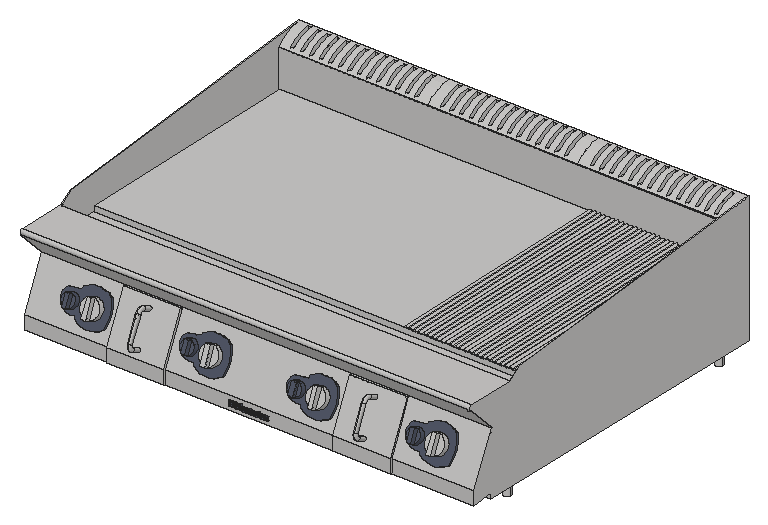
Revit family "QF_ELECTROLUXPROFESSIONAL_391406_E9IIKAAOMIA", category Specialty Equipment, Revit 2018
Family settings
  Round Connector Dimension = Use Diameter
  Part Type = Normal
  Work Plane-Based = No
  Always vertical = Yes
  Cut with Voids When Loaded = No
  Shared = No
  Room Calculation Point = No
Parameters
  Width = 1200 mm
  Weight in Pounds = 150  # constant formula
  Watts = 0 W
  URL Cutsheet = "www.electrolux.com"
  URL = "www.electrolux.com"
  Type Mark [instance] = ""
  Status [instance] = ""
  Specification by User [instance] = ""
  Specification by Manufacturer = ""
  Show Logo [instance] = yes
  Show Clearance [instance] = yes
  Serial Number = ""
  Seismic Rating = ""
  SMACNA No = ""
  Revision Code [instance] = ""
  Omniclass Number and Title = ""
  NAFEM Spec ID Number = ""
  Model = "391062"
  Mechanical Remarks [instance] = ""
  Mechanical Connection Type [instance] = ""
  Masterspec = ""
  Manufacturer = "ELECTROLUX"
  Item Number [instance] = ""
  Installed By [instance] = ""
  Identify Quantity as Lot [instance] = yes
  HP = "0 HP"
  Gas Size = 12.7 mm  # 1/2"
  Gas RI Height [instance] = 0 mm
  Gas KW [instance] = 33  # constant formula
  Gas Input [instance] = 32969.6 VA  # 112497.0 Btu/h
  Gas Connection Height = 0 mm
  Furnished By [instance] = ""
  Foodservice Equipment Identifier [instance] = yes
  Direct Waste Size = 0"
  Description = "900XP GAS FRY TOP, 2/3 SMOOTH - 1/3 RIBBED SLOPED PLATE, MILD STEEL HP - 1200mm"
  Depth = 930 mm
  CSI MasterFormat = ""
  CSI Master Format = ""
Reference planes
  plane 1 "BACK": y = 0
  plane 2: z = 0
  plane 3 "LEFT": x = 0
  plane 4 "RIGHT": x = 1200
  plane 5 "FRONT": y = -930
  plane 6 "TOP": z = 369
  plane 7 "Center Y": x = 600
  plane 8 "Center X": y = -465
  plane 9: z = 24
  plane 10: x = 1189
  plane 11: x = 11
  plane 12: z = 275
  plane 13: y = -82
  plane 14: y = -790
  plane 15: x = 8
  plane 16: x = 1192
  plane 17: y = -1106
Forms (mm)
  Extrusion 1, solid, material "QF_Finishes_Stainless Steel"
    sketch origin (0, 0, 0) x (0, 1, 0) y (0, 0, 1)
      loop
        line (-795, 275) -> (-922.639, 275)
        arc (-922.639, 275) -> (-929.44, 270.456) -> (-927.844, 262.434) r 7.361
        line (-927.844, 262.434) -> (-857.044, 191.634) -> (-915, 65.714) -> (-915, 30.922) -> (-860.028, 36.7) -> (-860.028, 24) -> (0, 24) -> (0, 215) -> (-795, 215) -> (-795, 275)
    from 0 to 1200
  Extrusion 2, solid, material "QF_Finishes_Stainless Steel"
    sketch origin (0, 0, 0) x (1, 0, 0) y (0, 1, 0)
      loop
        circle (11, -82) r 9.525
      loop
        circle (11, -790) r 9.525
      loop
        circle (1189, -82) r 9.525
      loop
        circle (1189, -790) r 9.525
    from 0 to 24
  Extrusion 3, solid, material "QF_Finishes_Navy Blue", visible <- "Show Logo"
    sketch origin (201.023, -915, 33.59) x (0, 0, 1) y (-1, 0, 0)
      loop
        line (20.486, -355.047) -> (8.12, -355.047)
        arc (8.12, -355.047) -> (14.303, -359.618) -> (20.486, -355.047) r 6.467
      loop
        arc (20.486, -354.418) -> (19.317, -349.275) -> (14.662, -346.797) r 6.338
        line (14.662, -346.797) -> (14.662, -348.843)
        arc (14.662, -348.843) -> (16.145, -352.498) -> (19.591, -354.418) r 5.941
        line (19.591, -354.418) -> (20.486, -354.418)
      loop
        arc (9.015, -354.418) -> (12.461, -352.498) -> (13.945, -348.843) r 5.941
        line (13.945, -348.843) -> (13.945, -346.797)
        arc (13.945, -346.797) -> (9.25, -349.271) -> (7.961, -354.418) r 6.504
        line (7.961, -354.418) -> (9.015, -354.418)
      loop
        line (21.161, -346.328) -> (7.417, -346.328) -> (7.417, -360.091) -> (21.161, -360.091) -> (21.161, -346.328)
      loop
        arc (21.245, -363.058) -> (20.897, -362.701) -> (20.53, -363.039) r 0.358
        arc (20.53, -363.039) -> (20.216, -363.789) -> (19.499, -364.174) r 1.216
        line (19.499, -364.174) -> (9.087, -364.174)
        arc (9.087, -364.174) -> (8.427, -363.896) -> (8.031, -363.3) r 1.238
        arc (8.031, -363.3) -> (7.636, -363.049) -> (7.33, -363.403) r 0.358
        line (7.33, -363.403) -> (7.33, -373.282) -> (10.081, -373.282) -> (10.081, -372.385)
        arc (10.081, -372.385) -> (9.172, -371.805) -> (8.717, -370.828) r 1.928
        line (8.717, -370.828) -> (8.717, -368.329)
        arc (8.717, -368.329) -> (8.992, -367.6) -> (9.681, -367.236) r 1.101
        line (9.681, -367.236) -> (13.767, -367.236) -> (13.767, -370.909)
        arc (13.767, -370.909) -> (13.415, -371.407) -> (12.849, -371.634) r 1.083
        arc (12.849, -371.634) -> (12.586, -371.94) -> (12.878, -372.218) r 0.292
        line (12.878, -372.218) -> (15.84, -372.218)
        arc (15.84, -372.218) -> (16.143, -371.945) -> (15.904, -371.615) r 0.305
        arc (15.904, -371.615) -> (15.414, -371.367) -> (15.109, -370.909) r 1.083
        line (15.109, -370.909) -> (15.109, -367.236) -> (19.786, -367.236) -> (19.786, -370.983)
        arc (19.786, -370.983) -> (19.572, -371.739) -> (18.965, -372.237) r 1.314
        arc (18.965, -372.237) -> (18.746, -372.641) -> (19.101, -372.933) r 0.361
        line (19.101, -372.933) -> (21.245, -372.933) -> (21.245, -363.058)
      loop
        arc (20.528, -373.714) -> (20.147, -374.633) -> (19.229, -375.013) r 1.299
        line (19.229, -375.013) -> (9.65, -375.013)
        arc (9.65, -375.013) -> (8.812, -374.635) -> (8.54, -373.757) r 1.118
        line (8.54, -373.757) -> (7.33, -373.757) -> (7.33, -379.107) -> (8.519, -379.107)
        arc (8.519, -379.107) -> (8.79, -378.19) -> (9.66, -377.794) r 1.153
        line (9.66, -377.794) -> (21.733, -377.794) -> (20.528, -373.714)
      loop
        line (12.295, -381.743) -> (12.295, -388.191) -> (13.094, -388.191)
        arc (13.094, -388.191) -> (15.675, -387.206) -> (16.943, -384.752) r 3.874
        line (16.943, -384.752) -> (16.943, -382.992)
        arc (16.943, -382.992) -> (15.757, -380.127) -> (12.892, -378.941) r 4.051
        line (12.892, -378.941) -> (10.884, -378.941)
        arc (10.884, -378.941) -> (8.066, -380.426) -> (7.014, -383.433) r 4.352
        arc (7.014, -383.433) -> (7.378, -385.896) -> (8.756, -387.97) r 5.713
        line (8.756, -387.97) -> (9.705, -387.97)
        arc (9.705, -387.97) -> (8.972, -386.401) -> (8.756, -384.683) r 5.579
        arc (8.756, -384.683) -> (9.55, -382.72) -> (11.429, -381.743) r 3.057
        line (11.429, -381.743) -> (12.295, -381.743)
      loop
        line (13.554, -381.743) -> (13.554, -385.325)
        arc (13.554, -385.325) -> (15.011, -385.372) -> (15.894, -384.213) r 1.59
        line (15.894, -384.213) -> (15.894, -383.383)
        arc (15.894, -383.383) -> (15.03, -382.128) -> (13.554, -381.743) r 2.184
      loop
        arc (16.345, -397.608) -> (16.834, -395.934) -> (16.992, -394.197) r 9.023
        line (16.992, -394.197) -> (16.992, -392.835)
        arc (16.992, -392.835) -> (15.832, -390.035) -> (13.033, -388.876) r 3.959
        line (13.033, -388.876) -> (10.432, -388.876)
        arc (10.432, -388.876) -> (8.151, -390.168) -> (7.033, -392.541) r 4.331
        line (7.033, -392.541) -> (7.033, -394.676)
        arc (7.033, -394.676) -> (7.542, -396.226) -> (8.463, -397.572) r 5.772
        arc (8.463, -397.572) -> (9.225, -397.623) -> (9.311, -396.864) r 0.553
        arc (9.311, -396.864) -> (8.924, -396.13) -> (8.79, -395.311) r 2.573
        line (8.79, -395.311) -> (8.79, -393.796)
        arc (8.79, -393.796) -> (9.796, -392.154) -> (11.61, -391.512) r 2.884
        line (11.61, -391.512) -> (12.889, -391.512)
        arc (12.889, -391.512) -> (14.71, -392.072) -> (15.637, -393.737) r 2.554
        line (15.637, -393.737) -> (15.637, -394.79)
        arc (15.637, -394.79) -> (15.305, -395.718) -> (14.648, -396.453) r 2.564
        arc (14.648, -396.453) -> (14.427, -397.17) -> (15.036, -397.608) r 0.643
        line (15.036, -397.608) -> (16.345, -397.608)
      loop
        line (15.327, -397.878) -> (15.327, -399.379) -> (9.279, -399.379)
        arc (9.279, -399.379) -> (7.691, -400.037) -> (7.033, -401.625) r 2.246
        line (7.033, -401.625) -> (7.033, -403.209)
        arc (7.033, -403.209) -> (7.347, -404.073) -> (7.848, -404.845) r 4.06
        arc (7.848, -404.845) -> (8.58, -404.978) -> (8.832, -404.277) r 0.576
        arc (8.832, -404.277) -> (8.726, -403.751) -> (8.79, -403.219) r 1.69
        arc (8.79, -403.219) -> (9.331, -402.431) -> (10.238, -402.128) r 1.506
        line (10.238, -402.128) -> (15.376, -402.128) -> (15.376, -404.525) -> (15.932, -405.081) -> (16.754, -405.081) -> (16.754, -402.222) -> (19.985, -402.222) -> (15.327, -397.878)
      loop
        line (7.251, -405.979) -> (7.251, -411.366) -> (8.361, -411.366)
        arc (8.361, -411.366) -> (8.755, -410.415) -> (9.706, -410.021) r 1.345
        line (9.706, -410.021) -> (13.322, -410.021)
        arc (13.322, -410.021) -> (14.087, -410.613) -> (14.376, -411.535) r 1.615
        line (14.376, -411.535) -> (14.376, -413.091) -> (16.932, -413.776) -> (16.932, -412.393) -> (14.989, -409.834) -> (16.87, -409.834) -> (16.585, -407.128)
        arc (16.585, -407.128) -> (16.146, -406.598) -> (15.487, -406.799) r 0.621
        arc (15.487, -406.799) -> (15.086, -407.141) -> (14.592, -407.324) r 1.501
        line (14.592, -407.324) -> (9.706, -407.324)
        arc (9.706, -407.324) -> (8.755, -406.93) -> (8.361, -405.979) r 1.345
        line (8.361, -405.979) -> (7.251, -405.979)
      loop
        line (13.353, -413.313) -> (10.66, -413.313)
        arc (10.66, -413.313) -> (8.215, -414.621) -> (7.081, -417.151) r 4.288
        arc (7.081, -417.151) -> (7.018, -418.532) -> (7.081, -419.912) r 15.022
        arc (7.081, -419.912) -> (8.215, -422.443) -> (10.66, -423.75) r 4.288
        line (10.66, -423.75) -> (13.353, -423.75)
        arc (13.353, -423.75) -> (15.798, -422.443) -> (16.932, -419.912) r 4.288
        arc (16.932, -419.912) -> (16.996, -418.532) -> (16.932, -417.151) r 15.022
        arc (16.932, -417.151) -> (15.798, -414.621) -> (13.353, -413.313) r 4.288
      loop
        line (13.557, -416.427) -> (10.456, -416.427)
        arc (10.456, -416.427) -> (8.299, -418.584) -> (10.456, -420.741) r 2.157
        line (10.456, -420.741) -> (13.557, -420.741)
        arc (13.557, -420.741) -> (15.714, -418.584) -> (13.557, -416.427) r 2.157
      loop
        arc (20.538, -423.608) -> (20.168, -424.502) -> (19.274, -424.873) r 1.264
        line (19.274, -424.873) -> (9.409, -424.873)
        arc (9.409, -424.873) -> (8.539, -424.476) -> (8.268, -423.56) r 1.153
        line (8.268, -423.56) -> (7.33, -423.56) -> (7.33, -428.668) -> (8.259, -428.668)
        arc (8.259, -428.668) -> (8.618, -427.896) -> (9.409, -427.581) r 1.153
        line (9.409, -427.581) -> (21.733, -427.581) -> (20.538, -423.608)
      loop
        arc (15.658, -428.206) -> (15.459, -429.27) -> (14.49, -429.752) r 1.215
        line (14.49, -429.752) -> (9.47, -429.752)
        arc (9.47, -429.752) -> (7.856, -430.399) -> (7.135, -431.982) r 2.338
        line (7.135, -431.982) -> (7.135, -433.497)
        arc (7.135, -433.497) -> (7.309, -434.501) -> (7.812, -435.387) r 2.979
        line (7.812, -435.387) -> (7.33, -437.184) -> (7.33, -438.872) -> (16.756, -438.872) -> (16.462, -434.669) -> (15.675, -434.669)
        arc (15.675, -434.669) -> (15.32, -435.505) -> (14.567, -436.014) r 1.605
        line (14.567, -436.014) -> (9.465, -436.014)
        arc (9.465, -436.014) -> (9.044, -435.077) -> (8.972, -434.053) r 2.94
        arc (8.972, -434.053) -> (9.532, -432.952) -> (10.686, -432.509) r 1.724
        line (10.686, -432.509) -> (16.882, -432.509) -> (15.658, -428.206)
      loop
        line (16.687, -439.726) -> (15.014, -441.772) -> (11.841, -444.078) -> (8.384, -440.966)
        arc (8.384, -440.966) -> (8.147, -440.572) -> (8.169, -440.113) r 0.789
        line (8.169, -440.113) -> (7.33, -440.113) -> (7.33, -443.658) -> (8.157, -443.658)
        arc (8.157, -443.658) -> (8.499, -443.296) -> (8.989, -443.388) r 0.52
        line (8.989, -443.388) -> (10.789, -444.859) -> (8.67, -446.235)
        arc (8.67, -446.235) -> (8.269, -445.925) -> (8.183, -445.425) r 0.7
        line (8.183, -445.425) -> (7.33, -445.425) -> (7.33, -451.352) -> (8.217, -451.352)
        arc (8.217, -451.352) -> (8.284, -450.693) -> (8.679, -450.162) r 1.247
        line (8.679, -450.162) -> (12.878, -446.881) -> (15.326, -448.934) -> (16.687, -450.676) -> (16.687, -446.952) -> (15.202, -447.375) -> (13.68, -446.098) -> (15.38, -444.908) -> (16.687, -445.684) -> (16.687, -439.726)
    from 0 to 1.644
  Extrusion 4, solid, material "QF_Finishes_Stainless Steel"
    sketch origin (0, 0, 0) x (0, 1, 0) y (0, 0, 1)
      loop
        line (0, 215) -> (0, 369) -> (-761.596, 296.916) -> (-795, 275) -> (-795, 215) -> (0, 215)
    from 0 to 1.6
  Extrusion 5, solid, material "QF_Finishes_Stainless Steel"
    sketch origin (1200, 0, 0) x (0, -1, 0) y (0, 0, 1)
      loop
        line (0, 215) -> (795, 215) -> (795, 275) -> (761.596, 296.916) -> (0, 369) -> (0, 215)
    from 0 to 1.6
  Extrusion 6, solid, material "QF_Finishes_Stainless Steel"
    sketch origin (0, 0, 37.263) x (0, 1, 0) y (0, 0, 1)
      loop
        line (0, 300.038) -> (0, 331.738)
        arc (0, 331.738) -> (-37.941, 322.534) -> (-69.85, 300.038) r 104.419
        line (-69.85, 300.038) -> (0, 300.038)
    from 0 to 400.05
  Extrusion 7, void
    sketch origin (0, 0, 311.9) x (0, -1, 0) y (1, 0, 0)
      loop
        line (6.761, 29.703) -> (63.911, 29.703) -> (63.911, 38.999) -> (6.761, 38.999) -> (6.761, 29.703)
      loop
        line (63.911, 64.487) -> (6.761, 64.487) -> (6.761, 55.191) -> (63.911, 55.191) -> (63.911, 64.487)
      loop
        line (63.911, 89.975) -> (6.761, 89.975) -> (6.761, 80.68) -> (63.911, 80.68) -> (63.911, 89.975)
      loop
        line (63.911, 115.464) -> (6.761, 115.464) -> (6.761, 106.168) -> (63.911, 106.168) -> (63.911, 115.464)
      loop
        line (63.911, 140.952) -> (6.761, 140.952) -> (6.761, 131.656) -> (63.911, 131.656) -> (63.911, 140.952)
      loop
        line (63.911, 166.44) -> (6.761, 166.44) -> (6.761, 157.145) -> (63.911, 157.145) -> (63.911, 166.44)
      loop
        line (63.911, 191.929) -> (6.761, 191.929) -> (6.761, 182.633) -> (63.911, 182.633) -> (63.911, 191.929)
      loop
        line (63.911, 217.417) -> (6.761, 217.417) -> (6.761, 208.121) -> (63.911, 208.121) -> (63.911, 217.417)
      loop
        line (63.911, 242.905) -> (6.761, 242.905) -> (6.761, 233.61) -> (63.911, 233.61) -> (63.911, 242.905)
      loop
        line (63.911, 268.394) -> (6.761, 268.394) -> (6.761, 259.098) -> (63.911, 259.098) -> (63.911, 268.394)
      loop
        line (63.911, 293.882) -> (6.761, 293.882) -> (6.761, 284.586) -> (63.911, 284.586) -> (63.911, 293.882)
      loop
        line (63.911, 319.37) -> (6.761, 319.37) -> (6.761, 310.075) -> (63.911, 310.075) -> (63.911, 319.37)
      loop
        line (63.911, 344.859) -> (6.761, 344.859) -> (6.761, 335.563) -> (63.911, 335.563) -> (63.911, 344.859)
      loop
        line (63.911, 370.347) -> (6.761, 370.347) -> (6.761, 361.051) -> (63.911, 361.051) -> (63.911, 370.347)
    from 27.825 to 63.5
  Extrusion 8, solid, material "QF_Finishes_Stainless Steel"
    sketch origin (400.05, 0, 37.263) x (0, 1, 0) y (0, 0, 1)
      loop
        line (0, 300.038) -> (0, 331.738)
        arc (0, 331.738) -> (-37.941, 322.534) -> (-69.85, 300.038) r 104.419
        line (-69.85, 300.038) -> (0, 300.038)
    from 0 to 400.05
  Extrusion 9, void
    sketch origin (400.05, 0, 311.9) x (0, -1, 0) y (1, 0, 0)
      loop
        line (6.761, 29.703) -> (63.911, 29.703) -> (63.911, 38.999) -> (6.761, 38.999) -> (6.761, 29.703)
      loop
        line (63.911, 64.487) -> (6.761, 64.487) -> (6.761, 55.191) -> (63.911, 55.191) -> (63.911, 64.487)
      loop
        line (63.911, 89.975) -> (6.761, 89.975) -> (6.761, 80.68) -> (63.911, 80.68) -> (63.911, 89.975)
      loop
        line (63.911, 115.464) -> (6.761, 115.464) -> (6.761, 106.168) -> (63.911, 106.168) -> (63.911, 115.464)
      loop
        line (63.911, 140.952) -> (6.761, 140.952) -> (6.761, 131.656) -> (63.911, 131.656) -> (63.911, 140.952)
      loop
        line (63.911, 166.44) -> (6.761, 166.44) -> (6.761, 157.145) -> (63.911, 157.145) -> (63.911, 166.44)
      loop
        line (63.911, 191.929) -> (6.761, 191.929) -> (6.761, 182.633) -> (63.911, 182.633) -> (63.911, 191.929)
      loop
        line (63.911, 217.417) -> (6.761, 217.417) -> (6.761, 208.121) -> (63.911, 208.121) -> (63.911, 217.417)
      loop
        line (63.911, 242.905) -> (6.761, 242.905) -> (6.761, 233.61) -> (63.911, 233.61) -> (63.911, 242.905)
      loop
        line (63.911, 268.394) -> (6.761, 268.394) -> (6.761, 259.098) -> (63.911, 259.098) -> (63.911, 268.394)
      loop
        line (63.911, 293.882) -> (6.761, 293.882) -> (6.761, 284.586) -> (63.911, 284.586) -> (63.911, 293.882)
      loop
        line (63.911, 319.37) -> (6.761, 319.37) -> (6.761, 310.075) -> (63.911, 310.075) -> (63.911, 319.37)
      loop
        line (63.911, 344.859) -> (6.761, 344.859) -> (6.761, 335.563) -> (63.911, 335.563) -> (63.911, 344.859)
      loop
        line (63.911, 370.347) -> (6.761, 370.347) -> (6.761, 361.051) -> (63.911, 361.051) -> (63.911, 370.347)
    from 27.825 to 63.5
  Extrusion 10, solid, material "QF_Finishes_Stainless Steel"
    sketch origin (800.1, 0, 37.263) x (0, 1, 0) y (0, 0, 1)
      loop
        line (0, 300.038) -> (0, 331.738)
        arc (0, 331.738) -> (-37.941, 322.534) -> (-69.85, 300.038) r 104.419
        line (-69.85, 300.038) -> (0, 300.038)
    from 0 to 399.9
  Extrusion 11, void
    sketch origin (800.1, 0, 311.9) x (0, -1, 0) y (1, 0, 0)
      loop
        line (6.761, 29.703) -> (63.911, 29.703) -> (63.911, 38.999) -> (6.761, 38.999) -> (6.761, 29.703)
      loop
        line (63.911, 64.487) -> (6.761, 64.487) -> (6.761, 55.191) -> (63.911, 55.191) -> (63.911, 64.487)
      loop
        line (63.911, 89.975) -> (6.761, 89.975) -> (6.761, 80.68) -> (63.911, 80.68) -> (63.911, 89.975)
      loop
        line (63.911, 115.464) -> (6.761, 115.464) -> (6.761, 106.168) -> (63.911, 106.168) -> (63.911, 115.464)
      loop
        line (63.911, 140.952) -> (6.761, 140.952) -> (6.761, 131.656) -> (63.911, 131.656) -> (63.911, 140.952)
      loop
        line (63.911, 166.44) -> (6.761, 166.44) -> (6.761, 157.145) -> (63.911, 157.145) -> (63.911, 166.44)
      loop
        line (63.911, 191.929) -> (6.761, 191.929) -> (6.761, 182.633) -> (63.911, 182.633) -> (63.911, 191.929)
      loop
        line (63.911, 217.417) -> (6.761, 217.417) -> (6.761, 208.121) -> (63.911, 208.121) -> (63.911, 217.417)
      loop
        line (63.911, 242.905) -> (6.761, 242.905) -> (6.761, 233.61) -> (63.911, 233.61) -> (63.911, 242.905)
      loop
        line (63.911, 268.394) -> (6.761, 268.394) -> (6.761, 259.098) -> (63.911, 259.098) -> (63.911, 268.394)
      loop
        line (63.911, 293.882) -> (6.761, 293.882) -> (6.761, 284.586) -> (63.911, 284.586) -> (63.911, 293.882)
      loop
        line (63.911, 319.37) -> (6.761, 319.37) -> (6.761, 310.075) -> (63.911, 310.075) -> (63.911, 319.37)
      loop
        line (63.911, 344.859) -> (6.761, 344.859) -> (6.761, 335.563) -> (63.911, 335.563) -> (63.911, 344.859)
      loop
        line (63.911, 370.347) -> (6.761, 370.347) -> (6.761, 361.051) -> (63.911, 361.051) -> (63.911, 370.347)
    from 27.825 to 63.5
  Extrusion 12, solid, material "QF_Finishes_Stainless Steel"
    sketch origin (0, 0, 0) x (0, 1, 0) y (0, 0, 1)
      loop
        line (-71.515, 238.235) -> (-689.956, 230) -> (-689.956, 215) -> (-71.515, 215) -> (-71.515, 238.235)
    from 8 to 1192
  Extrusion 13, solid, material "QF_Finishes_Stainless Steel"
    sketch origin (0, -795, 215) x (0, 1, 0) y (-1, 0, 0)
      loop
        line (795, -1.6) -> (723.485, -1.6) -> (723.485, -1198.4) -> (795, -1198.4) -> (795, -1.6)
    from 0 to 122.3
  Extrusion 14, solid, material "QF_Finishes_Stainless Steel"
    sketch origin (221.15, -201.228, -3.289) x (0, 1, 0) y (0, 0, 1)
      loop
        line (-657.416, 191.447) -> (-660.323, 192.784) -> (-716.972, 69.704) -> (-716.972, 34.211) -> (-713.772, 34.211) -> (-713.772, 69.003) -> (-657.416, 191.447)
    from 0 to 153.85
  Extrusion 15, solid, material "QF_Door-Drawer Clearances", visible <- "Show Clearance", detail levels coarse
    sketch origin (221.15, -201.228, -3.289) x (0, 1, 0) y (0, 0, 1)
      loop
        line (-660.323, 192.784) -> (-823.717, 192.784) -> (-880.366, 69.704) -> (-880.366, 34.211) -> (-716.972, 34.211) -> (-716.972, 69.704) -> (-660.323, 192.784)
    from 0 to 153.85
  Extrusion 16, solid, material "QF_Finishes_Stainless Steel"
    sketch origin (978.85, -201.228, -3.289) x (0, 1, 0) y (0, 0, -1)
      loop
        line (-657.416, -191.447) -> (-713.772, -69.003) -> (-713.772, -34.211) -> (-716.972, -34.211) -> (-716.972, -69.704) -> (-660.323, -192.784) -> (-657.416, -191.447)
    from 0 to 153.85
  Extrusion 17, solid, material "QF_Door-Drawer Clearances", visible <- "Show Clearance", detail levels coarse
    sketch origin (978.85, -201.228, -3.289) x (0, 1, 0) y (0, 0, -1)
      loop
        line (-660.323, -192.784) -> (-716.972, -69.704) -> (-716.972, -34.211) -> (-880.366, -34.211) -> (-880.366, -69.704) -> (-823.717, -192.784) -> (-660.323, -192.784)
    from 0 to 153.85
  Extrusion 18, solid, material "QF_Finishes_Navy Blue"
    sketch origin (-58.715, -915.512, 64.603) x (0, 0.418102, 0.9084) y (-1, 0, 0)
      loop
        arc (104.355, -502.587) -> (101.326, -501.258) -> (98.25, -500.039) r 91.066
        arc (98.25, -500.039) -> (96.592, -482.449) -> (93.213, -465.107) r 179.528
        arc (93.213, -465.107) -> (69.244, -452.795) -> (45.274, -465.107) r 29.489
        arc (45.274, -465.107) -> (38.909, -481.441) -> (37.449, -498.912) r 61.044
        arc (37.449, -498.912) -> (34.471, -499.962) -> (31.532, -501.116) r 91.066
        arc (31.532, -501.116) -> (19.517, -540.223) -> (32.929, -578.873) r 65.817
        arc (32.929, -578.873) -> (68.105, -585.173) -> (102.996, -577.452) r 91.066
        arc (102.996, -577.452) -> (115.418, -540.233) -> (104.355, -502.587) r 65.546
    from 0 to 3.175
  Extrusion 19, solid, material "QF_Finishes_Stainless Steel"
    sketch origin (320.035, -919.225, 64.128) x (0, 0.418102, 0.9084) y (-1, 0, 0)
      loop
        circle (68.826, -160.963) r 25.4
    from 0 to 12.7
  Extrusion 20, solid, material "QF_Finishes_Stainless Steel"
    sketch origin (320.035, -930.762, 69.438) x (0, 0.418102, 0.9084) y (-1, 0, 0)
      loop
        arc (93.558, -166.749) -> (94.226, -160.963) -> (93.558, -155.177) r 25.4
        line (93.558, -155.177) -> (44.094, -155.177)
        arc (44.094, -155.177) -> (43.426, -160.963) -> (44.094, -166.749) r 25.4
        line (44.094, -166.749) -> (93.558, -166.749)
    from 0 to 12.7
  Extrusion 21, solid, material "QF_Finishes_Navy Blue"
    sketch origin (262.535, -919.225, 64.128) x (0, 0.418102, 0.9084) y (-1, 0, 0)
      loop
        circle (68.826, -160.963) r 18.37
    from 0 to 12.7
  Extrusion 22, solid, material "QF_Finishes_Navy Blue"
    sketch origin (261.244, -930.762, 69.438) x (0, 0.418102, 0.9084) y (-1, 0, 0)
      loop
        arc (84.808, -167.687) -> (85.476, -161.901) -> (84.808, -156.114) r 25.4
        line (84.808, -156.114) -> (52.844, -156.114)
        arc (52.844, -156.114) -> (52.176, -161.901) -> (52.844, -167.687) r 25.4
        line (52.844, -167.687) -> (84.808, -167.687)
    from 0 to 8.112
  Extrusion 23, solid, material "QF_Finishes_Navy Blue"
    sketch origin (-376.215, -915.512, 64.603) x (0, 0.418102, 0.9084) y (-1, 0, 0)
      loop
        arc (104.355, -502.587) -> (101.326, -501.258) -> (98.25, -500.039) r 91.066
        arc (98.25, -500.039) -> (96.592, -482.449) -> (93.213, -465.107) r 179.528
        arc (93.213, -465.107) -> (69.244, -452.795) -> (45.274, -465.107) r 29.489
        arc (45.274, -465.107) -> (38.909, -481.441) -> (37.449, -498.912) r 61.044
        arc (37.449, -498.912) -> (34.471, -499.962) -> (31.532, -501.116) r 91.066
        arc (31.532, -501.116) -> (19.517, -540.223) -> (32.929, -578.873) r 65.817
        arc (32.929, -578.873) -> (68.105, -585.173) -> (102.996, -577.452) r 91.066
        arc (102.996, -577.452) -> (115.418, -540.233) -> (104.355, -502.587) r 65.546
    from 0 to 3.175
  Extrusion 24, solid, material "QF_Finishes_Stainless Steel"
    sketch origin (2.535, -919.225, 64.128) x (0, 0.418102, 0.9084) y (-1, 0, 0)
      loop
        circle (68.826, -160.963) r 25.4
    from 0 to 12.7
  Extrusion 25, solid, material "QF_Finishes_Stainless Steel"
    sketch origin (2.535, -930.762, 69.438) x (0, 0.418102, 0.9084) y (-1, 0, 0)
      loop
        arc (93.558, -166.749) -> (94.226, -160.963) -> (93.558, -155.177) r 25.4
        line (93.558, -155.177) -> (44.094, -155.177)
        arc (44.094, -155.177) -> (43.426, -160.963) -> (44.094, -166.749) r 25.4
        line (44.094, -166.749) -> (93.558, -166.749)
    from 0 to 12.7
  Extrusion 26, solid, material "QF_Finishes_Navy Blue"
    sketch origin (-54.965, -919.225, 64.128) x (0, 0.418102, 0.9084) y (-1, 0, 0)
      loop
        circle (68.826, -160.963) r 18.37
    from 0 to 12.7
  Extrusion 27, solid, material "QF_Finishes_Navy Blue"
    sketch origin (-56.256, -930.762, 69.438) x (0, 0.418102, 0.9084) y (-1, 0, 0)
      loop
        arc (84.808, -167.687) -> (85.476, -161.901) -> (84.808, -156.114) r 25.4
        line (84.808, -156.114) -> (52.844, -156.114)
        arc (52.844, -156.114) -> (52.176, -161.901) -> (52.844, -167.687) r 25.4
        line (52.844, -167.687) -> (84.808, -167.687)
    from 0 to 8.112
  Extrusion 28, solid, material "QF_Finishes_Navy Blue"
    sketch origin (545.135, -915.512, 64.603) x (0, 0.418102, 0.9084) y (-1, 0, 0)
      loop
        arc (104.355, -502.587) -> (101.326, -501.258) -> (98.25, -500.039) r 91.066
        arc (98.25, -500.039) -> (96.592, -482.449) -> (93.213, -465.107) r 179.528
        arc (93.213, -465.107) -> (69.244, -452.795) -> (45.274, -465.107) r 29.489
        arc (45.274, -465.107) -> (38.909, -481.441) -> (37.449, -498.912) r 61.044
        arc (37.449, -498.912) -> (34.471, -499.962) -> (31.532, -501.116) r 91.066
        arc (31.532, -501.116) -> (19.517, -540.223) -> (32.929, -578.873) r 65.817
        arc (32.929, -578.873) -> (68.105, -585.173) -> (102.996, -577.452) r 91.066
        arc (102.996, -577.452) -> (115.418, -540.233) -> (104.355, -502.587) r 65.546
    from 0 to 3.175
  Extrusion 29, solid, material "QF_Finishes_Stainless Steel"
    sketch origin (923.885, -919.225, 64.128) x (0, 0.418102, 0.9084) y (-1, 0, 0)
      loop
        circle (68.826, -160.963) r 25.4
    from 0 to 12.7
  Extrusion 30, solid, material "QF_Finishes_Stainless Steel"
    sketch origin (923.885, -930.762, 69.438) x (0, 0.418102, 0.9084) y (-1, 0, 0)
      loop
        arc (93.558, -166.749) -> (94.226, -160.963) -> (93.558, -155.177) r 25.4
        line (93.558, -155.177) -> (44.094, -155.177)
        arc (44.094, -155.177) -> (43.426, -160.963) -> (44.094, -166.749) r 25.4
        line (44.094, -166.749) -> (93.558, -166.749)
    from 0 to 12.7
  Extrusion 31, solid, material "QF_Finishes_Navy Blue"
    sketch origin (866.385, -919.225, 64.128) x (0, 0.418102, 0.9084) y (-1, 0, 0)
      loop
        circle (68.826, -160.963) r 18.37
    from 0 to 12.7
  Extrusion 32, solid, material "QF_Finishes_Navy Blue"
    sketch origin (865.094, -930.762, 69.438) x (0, 0.418102, 0.9084) y (-1, 0, 0)
      loop
        arc (84.808, -167.687) -> (85.476, -161.901) -> (84.808, -156.114) r 25.4
        line (84.808, -156.114) -> (52.844, -156.114)
        arc (52.844, -156.114) -> (52.176, -161.901) -> (52.844, -167.687) r 25.4
        line (52.844, -167.687) -> (84.808, -167.687)
    from 0 to 8.112
  Extrusion 33, solid, material "QF_Finishes_Navy Blue"
    sketch origin (227.635, -915.512, 64.603) x (0, 0.418102, 0.9084) y (-1, 0, 0)
      loop
        arc (104.355, -502.587) -> (101.326, -501.258) -> (98.25, -500.039) r 91.066
        arc (98.25, -500.039) -> (96.592, -482.449) -> (93.213, -465.107) r 179.528
        arc (93.213, -465.107) -> (69.244, -452.795) -> (45.274, -465.107) r 29.489
        arc (45.274, -465.107) -> (38.909, -481.441) -> (37.449, -498.912) r 61.044
        arc (37.449, -498.912) -> (34.471, -499.962) -> (31.532, -501.116) r 91.066
        arc (31.532, -501.116) -> (19.517, -540.223) -> (32.929, -578.873) r 65.817
        arc (32.929, -578.873) -> (68.105, -585.173) -> (102.996, -577.452) r 91.066
        arc (102.996, -577.452) -> (115.418, -540.233) -> (104.355, -502.587) r 65.546
    from 0 to 3.175
  Extrusion 34, solid, material "QF_Finishes_Stainless Steel"
    sketch origin (606.385, -919.225, 64.128) x (0, 0.418102, 0.9084) y (-1, 0, 0)
      loop
        circle (68.826, -160.963) r 25.4
    from 0 to 12.7
  Extrusion 35, solid, material "QF_Finishes_Stainless Steel"
    sketch origin (606.385, -930.762, 69.438) x (0, 0.418102, 0.9084) y (-1, 0, 0)
      loop
        arc (93.558, -166.749) -> (94.226, -160.963) -> (93.558, -155.177) r 25.4
        line (93.558, -155.177) -> (44.094, -155.177)
        arc (44.094, -155.177) -> (43.426, -160.963) -> (44.094, -166.749) r 25.4
        line (44.094, -166.749) -> (93.558, -166.749)
    from 0 to 12.7
  Extrusion 36, solid, material "QF_Finishes_Navy Blue"
    sketch origin (548.885, -919.225, 64.128) x (0, 0.418102, 0.9084) y (-1, 0, 0)
      loop
        circle (68.826, -160.963) r 18.37
    from 0 to 12.7
  Extrusion 37, solid, material "QF_Finishes_Navy Blue"
    sketch origin (547.594, -930.762, 69.438) x (0, 0.418102, 0.9084) y (-1, 0, 0)
      loop
        arc (84.808, -167.687) -> (85.476, -161.901) -> (84.808, -156.114) r 25.4
        line (84.808, -156.114) -> (52.844, -156.114)
        arc (52.844, -156.114) -> (52.176, -161.901) -> (52.844, -167.687) r 25.4
        line (52.844, -167.687) -> (84.808, -167.687)
    from 0 to 8.112
  Extrusion 38, solid, material "QF_Finishes_Stainless Steel"
    sketch origin (0, 0, 311.9) x (0, 0, 1) y (1, 0, 0)
      loop
        circle (-252.55, 1155) r 6.35
    from 0 to 1.6
  Sweep 39, solid, material "QF_Door-Drawer Clearances", visible <- "Show Clearance", detail levels coarse
    path origin (298.65, -364.622, -3.289) x (0, 1, 0) y (0, 0, 1)
      loop
        line (-670.615, 170.424) -> (-691.243, 179.918)
        arc (-691.243, 179.918) -> (-700.956, 180.294) -> (-708.09, 173.692) r 12.7
        line (-708.09, 173.692) -> (-735.638, 113.839)
        arc (-735.638, 113.839) -> (-736.013, 104.126) -> (-729.411, 96.993) r 12.7
        line (-729.411, 96.993) -> (-708.782, 87.498)
    profile origin (298.65, -1045.551, 171.882) x (0, -0.418102, -0.9084) y (1, 0, 0)
      loop
        circle (0, 0) r 4.572
  Sweep 40, solid, material "QF_Door-Drawer Clearances", visible <- "Show Clearance", detail levels coarse
    path origin (901.35, -364.622, -3.289) x (0, 1, 0) y (0, 0, -1)
      loop
        line (-670.615, -170.424) -> (-691.243, -179.918)
        arc (-691.243, -179.918) -> (-700.956, -180.294) -> (-708.09, -173.692) r 12.7
        line (-708.09, -173.692) -> (-735.638, -113.839)
        arc (-735.638, -113.839) -> (-736.013, -104.126) -> (-729.411, -96.993) r 12.7
        line (-729.411, -96.993) -> (-708.782, -87.498)
    profile origin (901.35, -1045.551, 171.882) x (0, 0.418102, 0.9084) y (-1, 0, 0)
      loop
        circle (0, 0) r 4.572
  Extrusion 41, void
    sketch origin (0, 0, 0) x (1, 0, 0) y (0, 1, 0)
      loop
        circle (299.572, -743.936) r 20
      loop
        circle (900.428, -743.936) r 20
    from 174.463 to 215
  Extrusion 42, solid, material "QF_Clearances", visible <- "Show Clearance", detail levels coarse
    sketch origin (0, 0, 0) x (1, 0, 0) y (0, 1, 0)
      loop
        line (1200, -930) -> (1300, -930) -> (1300, 100) -> (-100, 100) -> (-100, -930) -> (0, -930) -> (0, 0) -> (1200, 0) -> (1200, -930)
    from 0 to 369
  Sweep 43, solid, material "QF_Finishes_Stainless Steel"
    path origin (432.78, 0, 0) x (0, 1, 0) y (0, 0, 1)
      loop
        line (-71.515, 238.235) -> (-689.956, 230)
    profile origin (432.78, -380.735, 234.118) x (0, 0.013315, -0.999911) y (1, 0, 0)
      loop
        line (0, 759.22) -> (-3.736, 755.344) -> (0, 751.467) -> (0, 759.22)
      loop
        line (0, 747.086) -> (-3.736, 743.209) -> (0, 739.332) -> (0, 747.086)
      loop
        line (0, 734.951) -> (-3.736, 731.075) -> (0, 727.198) -> (0, 734.951)
      loop
        line (0, 722.817) -> (-3.736, 718.94) -> (0, 715.063) -> (0, 722.817)
      loop
        line (0, 710.682) -> (-3.736, 706.806) -> (0, 702.929) -> (0, 710.682)
      loop
        line (0, 698.548) -> (-3.736, 694.671) -> (0, 690.794) -> (0, 698.548)
      loop
        line (0, 686.413) -> (-3.736, 682.537) -> (0, 678.66) -> (0, 686.413)
      loop
        line (0, 674.279) -> (-3.736, 670.402) -> (0, 666.525) -> (0, 674.279)
      loop
        line (0, 662.144) -> (-3.736, 658.268) -> (0, 654.391) -> (0, 662.144)
      loop
        line (0, 650.01) -> (-3.736, 646.133) -> (0, 642.256) -> (0, 650.01)
      loop
        line (0, 637.875) -> (-3.736, 633.999) -> (0, 630.122) -> (0, 637.875)
      loop
        line (0, 625.741) -> (-3.736, 621.864) -> (0, 617.987) -> (0, 625.741)
      loop
        line (0, 613.606) -> (-3.736, 609.73) -> (0, 605.853) -> (0, 613.606)
      loop
        line (0, 601.472) -> (-3.736, 597.595) -> (0, 593.718) -> (0, 601.472)
      loop
        line (0, 589.337) -> (-3.736, 585.46) -> (0, 581.584) -> (0, 589.337)
      loop
        line (0, 577.203) -> (-3.736, 573.326) -> (0, 569.449) -> (0, 577.203)
      loop
        line (0, 565.068) -> (-3.736, 561.191) -> (0, 557.315) -> (0, 565.068)
      loop
        line (0, 552.934) -> (-3.736, 549.057) -> (0, 545.18) -> (0, 552.934)
      loop
        line (0, 540.799) -> (-3.736, 536.922) -> (0, 533.046) -> (0, 540.799)
      loop
        line (0, 528.665) -> (-3.736, 524.788) -> (0, 520.911) -> (0, 528.665)
      loop
        line (0, 516.53) -> (-3.736, 512.653) -> (0, 508.777) -> (0, 516.53)
      loop
        line (0, 504.396) -> (-3.736, 500.519) -> (0, 496.642) -> (0, 504.396)
      loop
        line (0, 492.261) -> (-3.736, 488.384) -> (0, 484.508) -> (0, 492.261)
      loop
        line (0, 480.127) -> (-3.736, 476.25) -> (0, 472.373) -> (0, 480.127)
      loop
        line (0, 467.992) -> (-3.736, 464.115) -> (0, 460.239) -> (0, 467.992)
      loop
        line (0, 455.857) -> (-3.736, 451.981) -> (0, 448.104) -> (0, 455.857)
      loop
        line (0, 443.723) -> (-3.736, 439.846) -> (0, 435.969) -> (0, 443.723)
      loop
        line (0, 431.588) -> (-3.736, 427.712) -> (0, 423.835) -> (0, 431.588)
      loop
        line (0, 419.454) -> (-3.736, 415.577) -> (0, 411.7) -> (0, 419.454)
      loop
        line (0, 407.319) -> (-3.736, 403.443) -> (0, 399.566) -> (0, 407.319)
  Sweep 44, solid, material "QF_Finishes_Stainless Steel"
    path origin (298.65, -201.228, -3.289) x (0, 1, 0) y (0, 0, 1)
      loop
        line (-670.615, 170.424) -> (-691.243, 179.918)
        arc (-691.243, 179.918) -> (-700.956, 180.294) -> (-708.09, 173.692) r 12.7
        line (-708.09, 173.692) -> (-735.638, 113.839)
        arc (-735.638, 113.839) -> (-736.013, 104.126) -> (-729.411, 96.993) r 12.7
        line (-729.411, 96.993) -> (-708.782, 87.498)
    profile origin (298.65, -882.157, 171.882) x (0, -0.418102, -0.9084) y (1, 0, 0)
      loop
        circle (0, 0) r 4.572
  Sweep 45, solid, material "QF_Finishes_Stainless Steel"
    path origin (901.35, -201.228, -3.289) x (0, 1, 0) y (0, 0, -1)
      loop
        line (-670.615, -170.424) -> (-691.243, -179.918)
        arc (-691.243, -179.918) -> (-700.956, -180.294) -> (-708.09, -173.692) r 12.7
        line (-708.09, -173.692) -> (-735.638, -113.839)
        arc (-735.638, -113.839) -> (-736.013, -104.126) -> (-729.411, -96.993) r 12.7
        line (-729.411, -96.993) -> (-708.782, -87.498)
    profile origin (901.35, -882.157, 171.882) x (0, 0.418102, 0.9084) y (-1, 0, 0)
      loop
        circle (0, 0) r 4.572
Cuts and joins
  Extrusion 41 cuts Extrusion 1
  Extrusion 7, Extrusion 9 cuts Extrusion 6
  Extrusion 9, Extrusion 11 cuts Extrusion 8
  Extrusion 11 cuts Extrusion 10
  joined: Extrusion 1, Extrusion 4, Extrusion 5, Extrusion 6, Extrusion 8, Extrusion 10, Extrusion 13
Lines and regions (mm)
  symbolic lines
    curve 1: circle (299.572, -743.936, 0) r 20 normal (0, 0, 1)
    curve 2: circle (900.428, -743.936, 0) r 20 normal (0, 0, -1)
    curve 3: line (1200, -930, 0) -> (0, -930, 0)
    curve 4: line (0, 0, 0) -> (0, -930, 0)
    curve 5: line (1200, -930, 0) -> (1200, 0, 0)
    curve 6: line (1200, 0, 0) -> (0, 0, 0)
    curve 7: line (0, -689.956, 0) -> (1200, -689.956, 0)
    curve 8: line (1198.4, -795, 0) -> (1.6, -795, 0)
    curve 27: line (0, -71.515, 0) -> (1200, -71.515, 0)
    curve 28: line (1170.447, -63.911, 0) -> (1161.151, -63.911, 0)
    curve 29: line (1170.447, -6.761, 0) -> (1170.447, -63.911, 0)
    curve 30: line (1161.151, -6.761, 0) -> (1170.447, -6.761, 0)
    curve 31: line (1161.151, -63.911, 0) -> (1161.151, -6.761, 0)
    curve 32: line (1144.959, -63.911, 0) -> (1135.663, -63.911, 0)
    curve 33: line (1144.959, -6.761, 0) -> (1144.959, -63.911, 0)
    curve 34: line (1135.663, -6.761, 0) -> (1144.959, -6.761, 0)
    curve 35: line (1135.663, -63.911, 0) -> (1135.663, -6.761, 0)
    curve 36: line (1119.47, -63.911, 0) -> (1110.175, -63.911, 0)
    curve 37: line (1119.47, -6.761, 0) -> (1119.47, -63.911, 0)
    curve 38: line (1110.175, -6.761, 0) -> (1119.47, -6.761, 0)
    curve 39: line (1110.175, -63.911, 0) -> (1110.175, -6.761, 0)
    curve 40: line (1093.982, -63.911, 0) -> (1084.686, -63.911, 0)
    curve 41: line (1093.982, -6.761, 0) -> (1093.982, -63.911, 0)
    curve 42: line (1084.686, -6.761, 0) -> (1093.982, -6.761, 0)
    curve 43: line (1084.686, -63.911, 0) -> (1084.686, -6.761, 0)
    curve 44: line (1068.494, -63.911, 0) -> (1059.198, -63.911, 0)
    curve 45: line (1068.494, -6.761, 0) -> (1068.494, -63.911, 0)
    curve 46: line (1059.198, -6.761, 0) -> (1068.494, -6.761, 0)
    curve 47: line (1059.198, -63.911, 0) -> (1059.198, -6.761, 0)
    curve 48: line (1043.005, -63.911, 0) -> (1033.71, -63.911, 0)
    curve 49: line (1043.005, -6.761, 0) -> (1043.005, -63.911, 0)
    curve 50: line (1033.71, -6.761, 0) -> (1043.005, -6.761, 0)
    curve 51: line (1033.71, -63.911, 0) -> (1033.71, -6.761, 0)
    curve 52: line (1017.517, -63.911, 0) -> (1008.221, -63.911, 0)
    curve 53: line (1017.517, -6.761, 0) -> (1017.517, -63.911, 0)
    curve 54: line (1008.221, -6.761, 0) -> (1017.517, -6.761, 0)
    curve 55: line (1008.221, -63.911, 0) -> (1008.221, -6.761, 0)
    curve 56: line (992.029, -63.911, 0) -> (982.733, -63.911, 0)
    curve 57: line (992.029, -6.761, 0) -> (992.029, -63.911, 0)
    curve 58: line (982.733, -6.761, 0) -> (992.029, -6.761, 0)
    curve 59: line (982.733, -63.911, 0) -> (982.733, -6.761, 0)
    curve 60: line (966.54, -63.911, 0) -> (957.245, -63.911, 0)
    curve 61: line (966.54, -6.761, 0) -> (966.54, -63.911, 0)
    curve 62: line (957.245, -6.761, 0) -> (966.54, -6.761, 0)
    curve 63: line (957.245, -63.911, 0) -> (957.245, -6.761, 0)
    curve 64: line (941.052, -63.911, 0) -> (931.756, -63.911, 0)
    curve 65: line (941.052, -6.761, 0) -> (941.052, -63.911, 0)
    curve 66: line (931.756, -6.761, 0) -> (941.052, -6.761, 0)
    curve 67: line (931.756, -63.911, 0) -> (931.756, -6.761, 0)
    curve 68: line (915.564, -63.911, 0) -> (906.268, -63.911, 0)
    curve 69: line (915.564, -6.761, 0) -> (915.564, -63.911, 0)
    curve 70: line (906.268, -6.761, 0) -> (915.564, -6.761, 0)
    curve 71: line (906.268, -63.911, 0) -> (906.268, -6.761, 0)
    curve 72: line (890.075, -63.911, 0) -> (880.78, -63.911, 0)
    curve 73: line (890.075, -6.761, 0) -> (890.075, -63.911, 0)
    curve 74: line (880.78, -6.761, 0) -> (890.075, -6.761, 0)
    curve 75: line (880.78, -63.911, 0) -> (880.78, -6.761, 0)
    curve 76: line (864.587, -63.911, 0) -> (855.291, -63.911, 0)
    curve 77: line (864.587, -6.761, 0) -> (864.587, -63.911, 0)
    curve 78: line (855.291, -6.761, 0) -> (864.587, -6.761, 0)
    curve 79: line (855.291, -63.911, 0) -> (855.291, -6.761, 0)
    curve 80: line (839.099, -63.911, 0) -> (829.803, -63.911, 0)
    curve 81: line (839.099, -6.761, 0) -> (839.099, -63.911, 0)
    curve 82: line (829.803, -6.761, 0) -> (839.099, -6.761, 0)
    curve 83: line (829.803, -63.911, 0) -> (829.803, -6.761, 0)
    curve 84: line (770.397, -63.911, 0) -> (761.101, -63.911, 0)
    curve 85: line (770.397, -6.761, 0) -> (770.397, -63.911, 0)
    curve 86: line (761.101, -6.761, 0) -> (770.397, -6.761, 0)
    curve 87: line (761.101, -63.911, 0) -> (761.101, -6.761, 0)
    curve 88: line (744.909, -63.911, 0) -> (735.613, -63.911, 0)
    curve 89: line (744.909, -6.761, 0) -> (744.909, -63.911, 0)
    curve 90: line (735.613, -6.761, 0) -> (744.909, -6.761, 0)
    curve 91: line (735.613, -63.911, 0) -> (735.613, -6.761, 0)
    curve 92: line (719.42, -63.911, 0) -> (710.125, -63.911, 0)
    curve 93: line (719.42, -6.761, 0) -> (719.42, -63.911, 0)
    curve 94: line (710.125, -6.761, 0) -> (719.42, -6.761, 0)
    curve 95: line (710.125, -63.911, 0) -> (710.125, -6.761, 0)
    curve 96: line (693.932, -63.911, 0) -> (684.636, -63.911, 0)
    curve 97: line (693.932, -6.761, 0) -> (693.932, -63.911, 0)
    curve 98: line (684.636, -6.761, 0) -> (693.932, -6.761, 0)
    curve 99: line (684.636, -63.911, 0) -> (684.636, -6.761, 0)
    curve 100: line (668.444, -63.911, 0) -> (659.148, -63.911, 0)
    curve 101: line (668.444, -6.761, 0) -> (668.444, -63.911, 0)
    curve 102: line (659.148, -6.761, 0) -> (668.444, -6.761, 0)
    curve 103: line (659.148, -63.911, 0) -> (659.148, -6.761, 0)
    curve 104: line (642.955, -63.911, 0) -> (633.66, -63.911, 0)
    curve 105: line (642.955, -6.761, 0) -> (642.955, -63.911, 0)
    curve 106: line (633.66, -6.761, 0) -> (642.955, -6.761, 0)
    curve 107: line (633.66, -63.911, 0) -> (633.66, -6.761, 0)
    curve 108: line (617.467, -63.911, 0) -> (608.171, -63.911, 0)
    curve 109: line (617.467, -6.761, 0) -> (617.467, -63.911, 0)
    curve 110: line (608.171, -6.761, 0) -> (617.467, -6.761, 0)
    curve 111: line (608.171, -63.911, 0) -> (608.171, -6.761, 0)
    curve 112: line (591.979, -63.911, 0) -> (582.683, -63.911, 0)
    curve 113: line (591.979, -6.761, 0) -> (591.979, -63.911, 0)
    curve 114: line (582.683, -6.761, 0) -> (591.979, -6.761, 0)
    curve 115: line (582.683, -63.911, 0) -> (582.683, -6.761, 0)
    curve 116: line (566.49, -63.911, 0) -> (557.195, -63.911, 0)
    curve 117: line (566.49, -6.761, 0) -> (566.49, -63.911, 0)
    curve 118: line (557.195, -6.761, 0) -> (566.49, -6.761, 0)
    curve 119: line (557.195, -63.911, 0) -> (557.195, -6.761, 0)
    curve 120: line (541.002, -63.911, 0) -> (531.706, -63.911, 0)
    curve 121: line (541.002, -6.761, 0) -> (541.002, -63.911, 0)
    curve 122: line (531.706, -6.761, 0) -> (541.002, -6.761, 0)
    curve 123: line (531.706, -63.911, 0) -> (531.706, -6.761, 0)
    curve 124: line (515.514, -63.911, 0) -> (506.218, -63.911, 0)
    curve 125: line (515.514, -6.761, 0) -> (515.514, -63.911, 0)
    curve 126: line (506.218, -6.761, 0) -> (515.514, -6.761, 0)
    curve 127: line (506.218, -63.911, 0) -> (506.218, -6.761, 0)
    curve 128: line (490.025, -63.911, 0) -> (480.73, -63.911, 0)
    curve 129: line (490.025, -6.761, 0) -> (490.025, -63.911, 0)
    curve 130: line (480.73, -6.761, 0) -> (490.025, -6.761, 0)
    curve 131: line (480.73, -63.911, 0) -> (480.73, -6.761, 0)
    curve 132: line (464.537, -63.911, 0) -> (455.241, -63.911, 0)
    curve 133: line (464.537, -6.761, 0) -> (464.537, -63.911, 0)
    curve 134: line (455.241, -6.761, 0) -> (464.537, -6.761, 0)
    curve 135: line (455.241, -63.911, 0) -> (455.241, -6.761, 0)
    curve 136: line (439.049, -63.911, 0) -> (429.753, -63.911, 0)
    curve 137: line (439.049, -6.761, 0) -> (439.049, -63.911, 0)
    curve 138: line (429.753, -6.761, 0) -> (439.049, -6.761, 0)
    curve 139: line (429.753, -63.911, 0) -> (429.753, -6.761, 0)
    curve 140: line (370.347, -63.911, 0) -> (361.051, -63.911, 0)
    curve 141: line (370.347, -6.761, 0) -> (370.347, -63.911, 0)
    curve 142: line (361.051, -6.761, 0) -> (370.347, -6.761, 0)
    curve 143: line (361.051, -63.911, 0) -> (361.051, -6.761, 0)
    curve 144: line (344.859, -63.911, 0) -> (335.563, -63.911, 0)
    curve 145: line (344.859, -6.761, 0) -> (344.859, -63.911, 0)
    curve 146: line (335.563, -6.761, 0) -> (344.859, -6.761, 0)
    curve 147: line (335.563, -63.911, 0) -> (335.563, -6.761, 0)
    curve 148: line (319.37, -63.911, 0) -> (310.075, -63.911, 0)
    curve 149: line (319.37, -6.761, 0) -> (319.37, -63.911, 0)
    curve 150: line (310.075, -6.761, 0) -> (319.37, -6.761, 0)
    curve 151: line (310.075, -63.911, 0) -> (310.075, -6.761, 0)
    curve 152: line (293.882, -63.911, 0) -> (284.586, -63.911, 0)
    curve 153: line (293.882, -6.761, 0) -> (293.882, -63.911, 0)
    curve 154: line (284.586, -6.761, 0) -> (293.882, -6.761, 0)
    curve 155: line (284.586, -63.911, 0) -> (284.586, -6.761, 0)
    curve 156: line (268.394, -63.911, 0) -> (259.098, -63.911, 0)
    curve 157: line (268.394, -6.761, 0) -> (268.394, -63.911, 0)
    curve 158: line (259.098, -6.761, 0) -> (268.394, -6.761, 0)
    curve 159: line (259.098, -63.911, 0) -> (259.098, -6.761, 0)
    curve 160: line (242.905, -63.911, 0) -> (233.61, -63.911, 0)
    curve 161: line (242.905, -6.761, 0) -> (242.905, -63.911, 0)
    curve 162: line (233.61, -6.761, 0) -> (242.905, -6.761, 0)
    curve 163: line (233.61, -63.911, 0) -> (233.61, -6.761, 0)
    curve 164: line (217.417, -63.911, 0) -> (208.121, -63.911, 0)
    curve 165: line (217.417, -6.761, 0) -> (217.417, -63.911, 0)
    curve 166: line (208.121, -6.761, 0) -> (217.417, -6.761, 0)
    curve 167: line (208.121, -63.911, 0) -> (208.121, -6.761, 0)
    curve 168: line (191.929, -63.911, 0) -> (182.633, -63.911, 0)
    curve 169: line (191.929, -6.761, 0) -> (191.929, -63.911, 0)
    curve 170: line (182.633, -6.761, 0) -> (191.929, -6.761, 0)
    curve 171: line (182.633, -63.911, 0) -> (182.633, -6.761, 0)
    curve 172: line (166.44, -63.911, 0) -> (157.145, -63.911, 0)
    curve 173: line (166.44, -6.761, 0) -> (166.44, -63.911, 0)
    curve 174: line (157.145, -6.761, 0) -> (166.44, -6.761, 0)
    curve 175: line (157.145, -63.911, 0) -> (157.145, -6.761, 0)
    curve 176: line (140.952, -63.911, 0) -> (131.656, -63.911, 0)
    curve 177: line (140.952, -6.761, 0) -> (140.952, -63.911, 0)
    curve 178: line (131.656, -6.761, 0) -> (140.952, -6.761, 0)
    curve 179: line (131.656, -63.911, 0) -> (131.656, -6.761, 0)
    curve 180: line (115.464, -63.911, 0) -> (106.168, -63.911, 0)
    curve 181: line (115.464, -6.761, 0) -> (115.464, -63.911, 0)
    curve 182: line (106.168, -6.761, 0) -> (115.464, -6.761, 0)
    curve 183: line (106.168, -63.911, 0) -> (106.168, -6.761, 0)
    curve 184: line (89.975, -63.911, 0) -> (80.68, -63.911, 0)
    curve 185: line (89.975, -6.761, 0) -> (89.975, -63.911, 0)
    curve 186: line (80.68, -6.761, 0) -> (89.975, -6.761, 0)
    curve 187: line (80.68, -63.911, 0) -> (80.68, -6.761, 0)
    curve 188: line (64.487, -63.911, 0) -> (55.191, -63.911, 0)
    curve 189: line (64.487, -6.761, 0) -> (64.487, -63.911, 0)
    curve 190: line (55.191, -6.761, 0) -> (64.487, -6.761, 0)
    curve 191: line (55.191, -63.911, 0) -> (55.191, -6.761, 0)
    curve 192: line (38.999, -63.911, 0) -> (29.703, -63.911, 0)
    curve 193: line (38.999, -6.761, 0) -> (38.999, -63.911, 0)
    curve 194: line (29.703, -6.761, 0) -> (38.999, -6.761, 0)
    curve 195: line (29.703, -63.911, 0) -> (29.703, -6.761, 0)
    curve 199: line (836.222, -71.515, 0) -> (836.222, -689.956, 0)
    curve 200: line (848.357, -71.515, 0) -> (848.357, -689.956, 0)
    curve 201: line (860.491, -71.515, 0) -> (860.491, -689.956, 0)
    curve 202: line (872.626, -71.515, 0) -> (872.626, -689.956, 0)
    curve 203: line (884.76, -71.515, 0) -> (884.76, -689.956, 0)
    curve 204: line (896.895, -71.515, 0) -> (896.895, -689.956, 0)
    curve 205: line (909.029, -71.515, 0) -> (909.029, -689.956, 0)
    curve 206: line (921.164, -71.515, 0) -> (921.164, -689.956, 0)
    curve 207: line (933.298, -71.515, 0) -> (933.298, -689.956, 0)
    curve 208: line (945.433, -71.515, 0) -> (945.433, -689.956, 0)
    curve 209: line (957.567, -71.515, 0) -> (957.567, -689.956, 0)
    curve 210: line (969.702, -71.515, 0) -> (969.702, -689.956, 0)
    curve 211: line (981.836, -71.515, 0) -> (981.836, -689.956, 0)
    curve 212: line (993.971, -71.515, 0) -> (993.971, -689.956, 0)
    curve 213: line (1006.105, -71.515, 0) -> (1006.105, -689.956, 0)
    curve 214: line (1018.24, -71.515, 0) -> (1018.24, -689.956, 0)
    curve 215: line (1030.374, -71.515, 0) -> (1030.374, -689.956, 0)
    curve 216: line (1042.509, -71.515, 0) -> (1042.509, -689.956, 0)
    curve 217: line (1054.644, -71.515, 0) -> (1054.644, -689.956, 0)
    curve 218: line (1066.778, -71.515, 0) -> (1066.778, -689.956, 0)
    curve 219: line (1078.913, -71.515, 0) -> (1078.913, -689.956, 0)
    curve 220: line (1091.047, -71.515, 0) -> (1091.047, -689.956, 0)
    curve 221: line (1103.182, -71.515, 0) -> (1103.182, -689.956, 0)
    curve 222: line (1115.316, -71.515, 0) -> (1115.316, -689.956, 0)
    curve 223: line (1127.451, -71.515, 0) -> (1127.451, -689.956, 0)
    curve 224: line (1139.585, -71.515, 0) -> (1139.585, -689.956, 0)
    curve 225: line (1151.72, -71.515, 0) -> (1151.72, -689.956, 0)
    curve 226: line (1163.854, -71.515, 0) -> (1163.854, -689.956, 0)
    curve 227: line (1175.989, -71.515, 0) -> (1175.989, -689.956, 0)
    curve 228: line (1188.123, -71.515, 0) -> (1188.123, -689.956, 0)
    curve 229: line (400.05, -71.515, 0) -> (400.05, 0, 0)
    curve 230: line (800.1, -71.515, 0) -> (800.1, 0, 0)
  symbolic lines, style "QF_Door-Drawer Clearances"
    curve 9: line (221.15, -930, 0) -> (221.15, -1081.594, 0)
    curve 10: line (221.15, -1081.594, 0) -> (294.081, -1081.594, 0)
    curve 11: line (375, -1081.594, 0) -> (375, -930, 0)
    curve 12: spline (294.081, -1035.236, 0) -> (294.113, -1034.988, 0) -> (294.209, -1034.744, 0) -> (294.367, -1034.509, 0) -> (294.585, -1034.286, 0) -> (294.858, -1034.079, 0) -> (295.183, -1033.892, 0) -> (295.552, -1033.728, 0) -> (295.961, -1033.59, 0) -> (296.402, -1033.48, 0) -> (296.868, -1033.4, 0) -> (297.35, -1033.352, 0) -> (297.841, -1033.336, 0)
    curve 13: spline (297.841, -1033.336, 0) -> (298.509, -1033.314, 0) -> (299.178, -1033.332, 0) -> (299.834, -1033.388, 0) -> (300.463, -1033.483, 0) -> (301.053, -1033.614, 0) -> (301.591, -1033.778, 0) -> (302.067, -1033.972, 0) -> (302.47, -1034.193, 0) -> (302.792, -1034.434, 0) -> (303.028, -1034.692, 0) -> (303.171, -1034.961, 0) -> (303.219, -1035.236, 0)
    curve 14: line (294.081, -1035.236, 0) -> (294.081, -1101.431, 0)
    curve 15: line (303.219, -1035.236, 0) -> (303.219, -1101.431, 0)
    curve 16: arc (294.081, -1101.431, 0) -> (298.65, -1106, 0) -> (303.219, -1101.431, 0) r 4.569
    curve 17: line (303.219, -1081.594, 0) -> (375, -1081.594, 0)
    curve 18: line (825, -930, 0) -> (825, -1081.594, 0)
    curve 19: line (825, -1081.594, 0) -> (897.931, -1081.594, 0)
    curve 20: line (978.85, -1081.594, 0) -> (978.85, -930, 0)
    curve 21: spline (897.931, -1035.236, 0) -> (897.963, -1034.988, 0) -> (898.059, -1034.744, 0) -> (898.217, -1034.509, 0) -> (898.435, -1034.286, 0) -> (898.708, -1034.079, 0) -> (899.033, -1033.892, 0) -> (899.402, -1033.728, 0) -> (899.811, -1033.59, 0) -> (900.252, -1033.48, 0) -> (900.718, -1033.4, 0) -> (901.2, -1033.352, 0) -> (901.691, -1033.336, 0)
    curve 22: spline (901.691, -1033.336, 0) -> (902.359, -1033.314, 0) -> (903.028, -1033.332, 0) -> (903.684, -1033.388, 0) -> (904.313, -1033.483, 0) -> (904.903, -1033.614, 0) -> (905.441, -1033.778, 0) -> (905.917, -1033.972, 0) -> (906.32, -1034.193, 0) -> (906.642, -1034.434, 0) -> (906.878, -1034.692, 0) -> (907.021, -1034.961, 0) -> (907.069, -1035.236, 0)
    curve 23: line (897.931, -1035.236, 0) -> (897.931, -1101.431, 0)
    curve 24: line (907.069, -1035.236, 0) -> (907.069, -1101.431, 0)
    curve 25: arc (897.931, -1101.431, 0) -> (902.5, -1106, 0) -> (907.069, -1101.431, 0) r 4.569
    curve 26: line (907.069, -1081.594, 0) -> (978.85, -1081.594, 0)
  symbolic lines, style "QF_Clearances", visible <- "Show Clearance", detail levels coarse
    curve 196: line (1300, -930, 0) -> (1300, 100, 0)
    curve 197: line (1300, 100, 0) -> (-100, 100, 0)
    curve 198: line (-100, 100, 0) -> (-100, -930, 0)
Dimensions and locks
  equal spacing: plane 3 "LEFT", plane 7 "Center Y", plane 4 "RIGHT"
  "Width": plane 3 "LEFT" to plane 4 "RIGHT"
  equal spacing: plane 5 "FRONT", plane 8 "Center X", plane 1 "BACK"
  "Depth": plane 5 "FRONT" to plane 1 "BACK"
  plane 6 "TOP" to level = 369 mm
  plane 6 "TOP" to plane 9 = 345 mm
  locked: plane 4 "RIGHT" to plane 10 at 11
  locked: plane 3 "LEFT" to plane 11 at 11
  plane 11 to plane 10 = 1178 mm
  plane 9 to level = 24 mm
  plane 12 to plane 9 = 251 mm
  plane 1 "BACK" to plane 13 = 82 mm
  plane 13 to plane 14 = 708 mm
  plane 14 to Extrusion 1 = 125 mm
  plane 15 to plane 3 "LEFT" = 8 mm
  locked: plane 16 to plane 4 "RIGHT" at 8
  plane 1 "BACK" to plane 17 = 1106 mm
  Extrusion 38 to plane 4 "RIGHT" = 45 mm
  Extrusion 38 to plane 9 = 29 mm
  aligned and locked: level to plane 2
  aligned and locked: Extrusion 1 to plane 4 "RIGHT"
  aligned and locked: Extrusion 12 to plane 15
  aligned and locked: Extrusion 12 to plane 16
Automatic sketch dimensions
  Extrusion 1 sketch curve to plane 12 = 0 mm
  Extrusion 1 sketch curve to plane 9 = 0 mm
  Extrusion 1 sketch curve to plane 1 "BACK" = 0 mm
  plane 14 to Extrusion 1 sketch curve = 5 mm
  Extrusion 1 sketch curve to Extrusion 1 sketch curve = 62.044 mm
  Extrusion 1 sketch curve to plane 5 "FRONT" = 69.972 mm
  Extrusion 1 sketch curve to plane 5 "FRONT" = 15 mm
  Extrusion 1 sketch curve to plane 5 "FRONT" = 7.361 mm
  Extrusion 1 sketch curve to plane 5 "FRONT" = 2.156 mm
  plane 9 to Extrusion 1 sketch curve = 6.922 mm
  Extrusion 1 sketch curve to Extrusion 1 sketch curve = 12.7 mm
  Extrusion 1 sketch curve to Extrusion 1 sketch curve = 34.792 mm
  Extrusion 1 sketch curve to plane 12 = 83.366 mm
  Extrusion 1 sketch curve to plane 12 = 60 mm
  Extrusion 1 sketch curve to plane 12 = 12.566 mm
  Extrusion 2 sketch curve to plane 11 = 0 mm  (x2)
  Extrusion 2 sketch curve to plane 10 = 0 mm  (x2)
  plane 14 to Extrusion 2 sketch curve = 0 mm  (x2)
  plane 13 to Extrusion 2 sketch curve = 0 mm  (x2)
  plane 9 to Extrusion 3 sketch curve = 11.563 mm
  plane 9 to Extrusion 3 sketch curve = 16.604 mm
  plane 7 "Center Y" to Extrusion 3 sketch curve = 4.232 mm
  Extrusion 3 sketch curve to Extrusion 3 sketch curve = 5.06 mm
  Extrusion 3 sketch curve to Extrusion 3 sketch curve = 0 mm  (x28)
  Extrusion 3 sketch curve to Extrusion 3 sketch curve = 5.108 mm  (x2)
  Extrusion 3 sketch curve to Extrusion 3 sketch curve = 0.054 mm
  Extrusion 3 sketch curve to Extrusion 3 sketch curve = 0.218 mm
  Extrusion 3 sketch curve to Extrusion 3 sketch curve = 0.195 mm
  Extrusion 3 sketch curve to Extrusion 3 sketch curve = 0.249 mm
  plane 9 to Extrusion 3 sketch curve = 16.921 mm
  Extrusion 3 sketch curve to Extrusion 3 sketch curve = 0.087 mm
  Extrusion 3 sketch curve to Extrusion 3 sketch curve = 0.358 mm
  Extrusion 3 sketch curve to Extrusion 3 sketch curve = 0.481 mm
  Extrusion 3 sketch curve to Extrusion 3 sketch curve = 0.597 mm
  Extrusion 3 sketch curve to Extrusion 3 sketch curve = 0.544 mm
  Extrusion 3 sketch curve to Extrusion 3 sketch curve = 0.936 mm
  Extrusion 3 sketch curve to Extrusion 3 sketch curve = 0.594 mm
  Extrusion 3 sketch curve to Extrusion 3 sketch curve = 0.343 mm
  Extrusion 3 sketch curve to Extrusion 3 sketch curve = 0.159 mm
  Extrusion 3 sketch curve to Extrusion 3 sketch curve = 0.826 mm
  Extrusion 3 sketch curve to Extrusion 3 sketch curve = 0.839 mm
  Extrusion 3 sketch curve to Extrusion 3 sketch curve = 0.852 mm
  Extrusion 3 sketch curve to Extrusion 3 sketch curve = 0.887 mm
  Extrusion 3 sketch curve to Extrusion 3 sketch curve = 0.928 mm
